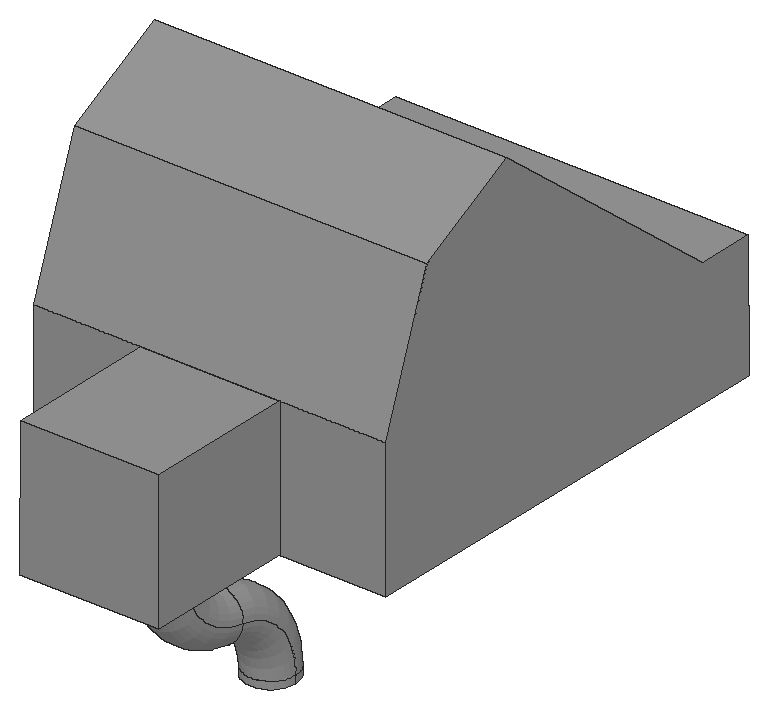
Revit family "Urinal-Willoughby-1814-UW-BJ-TS", category Plumbing Fixtures, Revit 2015
Parameters (values of type "Standard")
  Waste DIA = 2"
  Waste Connection = yes
  Vent Connection = no
  URL = "https://www.willoughby-ind.com/wp-content/uploads/2018/01/UW-1814-BJ.pdf"
  Type Comments = ""
  Revision = "A"
  Model = "UW-1814-BJ-TS"
  Manufacturer = "Willoughby Industries"
  HW Connection = no
  Flush Inlet DIA = 1 1/2"
  Flush Inlet Connection = yes
  Fixture Body = Stainless Steel AISI 304-Willoughby
  Description = "Blowout Flush Trough Urinal, Top Spud"
  Default Elevation = 1' - 2"
  Contact Info. = "(800) 428-4065"
  CW Connection = no
Reference planes (in)
  plane 1 "Center (Front/Back)": y = 0
  plane 2: z = 0
  plane 3 "Center (Left/Right)": x = 0
Forms (in)
  Extrusion 1, solid, material "Stainless Steel AISI 304-Willoughby" <- "Fixture Body"
    sketch origin (0, 0, 0) x (1, 0, 0) y (0, 0, 1)
      loop
        line (-7, 5) -> (-7, 0) -> (7, 0) -> (7, 5) -> (-7, 5)
    from -18 to 0
  Extrusion 2, solid, material "Stainless Steel AISI 304-Willoughby" <- "Fixture Body"
    sketch origin (0, 0, -0.06446) x (0, 1, 0) y (0, 0, 1)
      loop
        line (0, 5.06446) -> (15.75, 5.06446) -> (6, 13.06446) -> (2, 11.06446) -> (0, 5.56446) -> (0, 5.06446)
    from -7 to 7
  Extrusion 3, void, detail levels fine
    sketch origin (0, 0, 0) x (1, 0, 0) y (0, 0, 1)
      loop
        line (6.375, 12.375) -> (-6.375, 12.375) -> (-6.375, 2) -> (6.375, 2) -> (6.375, 12.375)
    from -5.08704 to -15.71619
  Extrusion 4, solid, material "Stainless Steel AISI 304-Willoughby" <- "Fixture Body"
    sketch origin (0, 0, 0) x (0, 1, 0) y (0, 0, 1)
      loop
        line (0, 5.5) -> (-6, 5.5) -> (-6, 0) -> (0, 0) -> (0, 5.5)
    from -2.75 to 2.75
  Sweep 5, solid, material "Stainless Steel AISI 304-Willoughby" <- "Fixture Body"
    path origin (0, 5.25, 0) x (0, 1, 0) y (0, 0, 1)
      loop
        arc (-7.74999, -0.0062) -> (-6.93002, -2.15812) -> (-4.89, -3.22652) r 3.25
        arc (-4.89, -3.22652) -> (-3.00501, -4.21486) -> (-2.25, -6.20484) r 3
        line (-2.25, -6.20484) -> (-2.25, -6.5)
    profile origin (0, 3, -6.35242) x (1, 0, 0) y (0, 1, 0)
      loop
        circle (0, 0) r 1
  Extrusion 6, solid, material "Stainless Steel AISI 304-Willoughby" <- "Fixture Body"
    sketch origin (0, 18.44537, -10.5) x (1, 0, 0) y (0, 0, 1)
      loop
        circle (0, 12.75) r 0.75
    from -0.25 to 0.44537
Cuts and joins
  Extrusion 3 cuts Extrusion 1
  Extrusion 3 cuts Extrusion 2
  joined: Extrusion 1, Extrusion 2
Lines and regions (in)
  symbolic lines
    curve 1: line (7, 0, 0) -> (-7, 0, 0)
    curve 2: line (-7, 0, 0) -> (-7, 18, 0)
    curve 3: line (-7, 18, 0) -> (7, 18, 0)
    curve 4: line (7, 18, 0) -> (7, 0, 0)
    curve 7: line (-6.375, 15.71619, 0) -> (6.375, 15.71619, 0)
    curve 9: line (-7, 15.75, 0) -> (7, 15.75, 0)
    curve 10: line (-7, 6, 0) -> (7, 6, 0)
    curve 12: line (2.75, 0, 0) -> (2.75, -6, 0)
    curve 13: line (2.75, -6, 0) -> (-2.75, -6, 0)
    curve 14: line (-2.75, -6, 0) -> (-2.75, 0, 0)
    curve 15: line (-7, 0, 0) -> (7, 0, 0)
    curve 16: line (7, 0, 0) -> (7, 0, 13)
    curve 17: line (7, 0, 13) -> (-7, 0, 13)
    curve 18: line (-7, 0, 13) -> (-7, 0, 0)
    curve 23: line (0, -6, 0) -> (0, 18, 0)
    curve 24: line (0, 18, 0) -> (0, 18, 5)
    curve 25: line (0, 18, 5) -> (0, 15.75, 5)
    curve 26: line (0, 15.75, 5) -> (0, 6, 13)
    curve 27: line (0, 6, 13) -> (0, 2, 11)
    curve 28: line (0, 2, 11) -> (0, 0, 5.5)
    curve 29: line (0, 0, 5.5) -> (0, 0, 0)
    curve 30: line (0, 0, 5.5) -> (0, -6, 5.5)
    curve 31: line (0, -6, 5.5) -> (0, -6, 0)
  symbolic lines, detail levels fine
    curve 5: line (6.375, 6.76172, 0) -> (-6.375, 6.76172, 0)
    curve 6: line (-6.375, 6.76172, 0) -> (-6.375, 15.71619, 0)
    curve 8: line (6.375, 15.71619, 0) -> (6.375, 6.76172, 0)
    curve 20: line (6.375, 0, 5) -> (6.375, 0, 12.375)
    curve 21: line (6.375, 0, 12.375) -> (-6.375, 0, 12.375)
    curve 22: line (-6.375, 0, 12.375) -> (-6.375, 0, 5)
  symbolic lines, detail levels medium+fine
    curve 11: line (-7, 2, 0) -> (7, 2, 0)
    curve 19: line (7, 0, 5) -> (-7, 0, 5)
Dimensions and locks (in)
  aligned and locked: cut or joined group of Extrusion 1, Extrusion 2, Extrusion 3 to level
  aligned and locked: cut or joined group of Extrusion 1, Extrusion 2, Extrusion 3 to cut or joined group of Extrusion 1, Extrusion 2, Extrusion 3  (x5)
Connectors (in)
  piping at (0, 3, -6.5), diameter 2, driven by "Waste Connection", driven by "Waste DIA"
    settings: on Sweep 5, index 1, connector inside diameter 2", connector length 0' - 0", flow factor 0, pipe flow 0 GPM, pressure drop 0.00 psi, fitting loss kfactor 0, connector angle 0.00°, fixture units 0, engagement length 0' - 0", angle of deflection 0.00°, flow configuration 0, flow direction 2, fitting loss method 0, system type 16, joint type 0, gender type 0, connector reference index -1, connector utility 1, adjustable connector yes, is connector primary yes, connector description "Urinal Waste"
  piping at (0, 18.69537, 2.25), diameter 1.5, driven by "Flush Inlet Connection", driven by "Flush Inlet DIA"
    settings: on Extrusion 6, index 2, connector inside diameter 3/4", connector length 0' - 0", flow factor 0, pipe flow 0 GPM, pressure drop 0.00 psi, fitting loss kfactor 0, connector angle 0.00°, fixture units 0, engagement length 0' - 0", angle of deflection 0.00°, flow configuration 0, flow direction 1, fitting loss method 0, system type 20, joint type 0, gender type 0, connector reference index -1, connector utility 1, adjustable connector no, is connector primary no, connector description "Flush Inlet"
